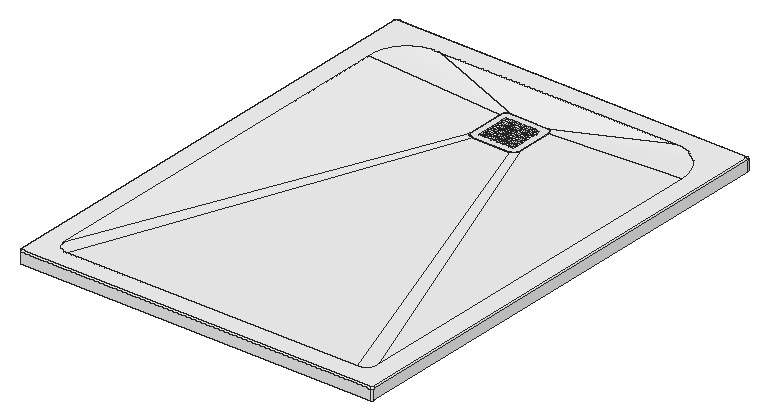
Revit family "IS_UltraFlatS_K8230_BIM_DE", category Plumbing Fixtures, host Face, Revit 2016
Family settings
  Host = Face
  Part Type = Normal
  Round Connector Dimension = Use Diameter
  OmniClass Number = 23.45.05.14.21.11
  OmniClass Title = Bath/Shower Units
  Cut with Voids When Loaded = No
  Shared = No
  Room Calculation Point = No
Parameters (values of type "K8230FR - ULTRAFLAT S PD 120X90 BIANCO")
  WarrantyStartDate = "n/a"
  WarrantyGuarantorParts = "n/a"
  WarrantyGuarantorLabor = "n/a"
  WarrantyDurationUnit = "n/a"
  WarrantyDurationParts = "n/a"
  WarrantyDurationLabor = "n/a"
  WarrantyDescription = "n/a"
  WFU = 0
  VolumeUnits = "Litres"
  Version = "1"
  Uniclass2015Version = "Products v1.1"
  Uniclass2015Title = "Shower trays"
  Uniclass2015Code = "Pr_40_20_06_84"
  URL = "www.idealstandard.de"
  Type Comments = "n/a"
  TagNumber = "n/a"
  SustainabilityPerformance = "n/a"
  Space = "Internal"
  Size = "900 x 1200 x 30 mm"
  Shape = "Rectangular"
  SerialNumber = "n/a"
  ReplacementCost = "n/a"
  ProductInformation = "www.idealstandard.de"
  PredefinedType = "n/a"
  Phone = "+49228 5210"
  NominalWidth = 900 mm
  NominalLength = 1200 mm
  NominalHeight = 30 mm
  NominalDepth = 0 mm
  Name = "ISI_IdealStandard_Showers_Ultra Flat S_K8230FR"
  ModelReference = "IS Rechteck-Brausewanne ULTRA FLAT S, 1200x900x30mm, Carraraweiß"
  ModelNumber = "K8230FR"
  Model = "K8230FR"
  Material = "Sanitary Brass"
  ManufacturerURL = "www.idealstandard.de"
  Manufacturer = "idealstandard.de@idealstandard.com"
  MainMaterial = IS_RenderMaterial_White
  LinearUnits = "millimeters"
  Keynote = ""
  InstallationInstructions = "www.idealstandard.de\\produkte"
  InstallationDate = "1900-12-31T23:59:59"
  Help = "idealstandard.de@idealstandard.com"
  HWFU = 0
  GrossWeight = "41 kg"
  Grade = "n/a"
  Finish = "Pure White"
  Features = "ULTRA FLAT S rectangular shower tray 1200x900mm"
  ExpectedLife = "25"
  DurationUnit = "year"
  DistributedBy = "n/a"
  Description = "Ultraflat S Pd 120 x 90 Bianco"
  Default Elevation = 0 mm
  CurrencyUnit = "€"
  CreatedOn = "42774"
  Cost = 0
  Constituents = "n/a"
  ConnectionType = "Plumbing"
  Color = "Pure White"
  CodePerformance = "0"
  CWFU = 0
  Brand = "Ideal Standard"
  BarCode = "4015413067645"
  BIMObjectName = "ISI_IdealStandard_Showers_Ultra Flat S_K8230FR"
  Author = "Ideal Standard"
  AssetType = "Fixed"
  AssetIdentifier = "n/a"
  Assembly Code = "C1030200"
  AreaUnits = "millimeters"
  AreaMeasurement = "n/a"
  Accessories = "www.idealstandard.de\\ersatzteile"
  AccessibilityPerformance = "n/a"
Types (5, lengths in mm): name | Name | ModelReference | ModelNumber | Model | MainMaterial | Finish | Description | Color | BarCode | BIMObjectName
  K8230FR - ULTRAFLAT S PD 120X90 BIANCO | "ISI_IdealStandard_Showers_Ultra Flat S_K8230FR" | "IS Rechteck-Brausewanne ULTRA FLAT S, 1200x900x30mm, Carraraweiß" | "K8230FR" | "K8230FR" | IS_RenderMaterial_White | "Pure White" | "Ultraflat S Pd 120 x 90 Bianco" | "Pure White" | "4015413067645" | "ISI_IdealStandard_Showers_Ultra Flat S_K8230FR"
  K8230FT - ULTRAFLAT S PD 120X90 SABBIA | "ISI_IdealStandard_Showers_Ultra Flat S_K8230FT" | "IS Rechteck-Brausewanne ULTRA FLAT S, 1200x900x30mm, Sandstein" | "K8230FT" | "K8230FT" | IS_RenderMaterial_Sand | "Beach Sand" | "Ultraflat S Pd 120 x 90 Sabbia" | "Beach Sand" | "4015413071000" | "ISI_IdealStandard_Showers_Ultra Flat S_K8230FT"
  K8230FS - ULTRAFLAT S PD 120X90 GRIGIO CEMENTO | "ISI_IdealStandard_Showers_Ultra Flat S_K8230FS" | "IS Rechteck-Brausewanne ULTRA FLAT S, 1200x900x30mm, Quarzgrau" | "K8230FS" | "K8230FS" | IS_RenderMaterial_Grey | "Concrete Grey" | "Ultraflat S Pd 120 x 90 Grigio Cemento" | "Concrete Grey" | "4015413070638" | "ISI_IdealStandard_Showers_Ultra Flat S_K8230FS"
  K8230FV - ULTRAFLAT S PD 120X90 NERO | "ISI_IdealStandard_Showers_Ultra Flat S_K8230FV" | "IS Rechteck-Brausewanne ULTRA FLAT S, 1200x900x30mm, Schiefer" | "K8230FV" | "K8230FV" | IS_RenderMaterial_Black | "Jet Black" | "Ultraflat S Pd 120 x 90 Nero" | "Jet Black" | "4015413071758" | "ISI_IdealStandard_Showers_Ultra Flat S_K8230FV"
  K8230FU - ULTRAFLAT S PD 120X90 MOKA | "ISI_IdealStandard_Showers_Ultra Flat S_K8230FU" | "IS Rechteck-Brausewanne ULTRA FLAT S, 1200x900x30mm, Lavabraun" | "K8230FU" | "K8230FU" | IS_RenderMaterial_Moka | "Deep Moka" | "Ultraflat S Pd 120 x 90 Moka" | "Deep Moka" | "4015413071444" | "ISI_IdealStandard_Showers_Ultra Flat S_K8230FU"
Reference planes
  plane 1 "Center (Front/Back)": y = 0
  plane 2: z = 0
  plane 3 "Center (Left/Right)": x = 0
  plane 4: y = -1200
  plane 5: y = -1150
  plane 6: x = -450
  plane 7: x = 450
  plane 8: z = 30
Forms (mm)
  Extrusion 1, solid, material "IS_RenderMaterial_White" <- "MainMaterial"
    sketch origin (0, 0, 0) x (1, 0, 0) y (0, 1, 0)
      loop
        arc (-445, 0) -> (-448.536, -1.464) -> (-450, -5) r 5
        line (-450, -5) -> (-450, -1195)
        arc (-450, -1195) -> (-448.536, -1198.536) -> (-445, -1200) r 5
        line (-445, -1200) -> (445, -1200)
        arc (445, -1200) -> (448.536, -1198.536) -> (450, -1195) r 5
        line (450, -1195) -> (450, -5)
        arc (450, -5) -> (448.536, -1.464) -> (445, 0) r 5
        line (445, 0) -> (-445, 0)
    from 0 to 30
  Blend 2, void
    base sketch origin (0, 39.744, 30) x (-1, 0, 0) y (0, -1, 0)
      loop
        arc (300, 89.744) -> (370.711, 119.033) -> (400, 189.744) r 100
        line (400, 189.744) -> (400, 1159.744)
        arc (400, 1159.744) -> (391.213, 1180.957) -> (370, 1189.744) r 30
        line (370, 1189.744) -> (-370, 1189.744)
        arc (-370, 1189.744) -> (-391.213, 1180.957) -> (-400, 1159.744) r 30
        line (-400, 1159.744) -> (-400, 189.744)
        arc (-400, 189.744) -> (-370.711, 119.033) -> (-300, 89.744) r 100
        line (-300, 89.744) -> (300, 89.744)
    top sketch origin (0, 39.744, 30) x (-1, 0, 0) y (0, -1, 0)
      loop
        arc (47.5, 177.244) -> (58.107, 181.637) -> (62.5, 192.244) r 15
        line (62.5, 192.244) -> (62.5, 287.244)
        arc (62.5, 287.244) -> (58.107, 297.85) -> (47.5, 302.244) r 15
        line (47.5, 302.244) -> (-47.5, 302.244)
        arc (-47.5, 302.244) -> (-58.107, 297.85) -> (-62.5, 287.244) r 15
        line (-62.5, 287.244) -> (-62.5, 192.244)
        arc (-62.5, 192.244) -> (-58.107, 181.637) -> (-47.5, 177.244) r 15
        line (-47.5, 177.244) -> (47.5, 177.244)
    from 0 to -15
  Revolve 3, void
    sketch origin (-65.411, -200, 1219.2) x (-1, 0, 0) y (0, 0, 1)
      loop
        line (-65.411, -1219.2) -> (-20.411, -1219.2) -> (-20.411, -1214.2) -> (-13.411, -1207.2) -> (-65.411, -1207.2) -> (-65.411, -1219.2)
      axis (-65.411, -1219.2) -> (-65.411, -1207.2)
    angle from 0 to 360
  Extrusion 4, void
    sketch origin (0, -134.515, 12) x (-1, 0, 0) y (0, 1, 0)
      loop
        arc (-47.5, -2.985) -> (-58.107, -7.379) -> (-62.5, -17.985) r 15
        line (-62.5, -17.985) -> (-62.5, -112.985)
        arc (-62.5, -112.985) -> (-58.107, -123.592) -> (-47.5, -127.985) r 15
        line (-47.5, -127.985) -> (47.5, -127.985)
        arc (47.5, -127.985) -> (58.107, -123.592) -> (62.5, -112.985) r 15
        line (62.5, -112.985) -> (62.5, -17.985)
        arc (62.5, -17.985) -> (58.107, -7.379) -> (47.5, -2.985) r 15
        line (47.5, -2.985) -> (-47.5, -2.985)
    from 0 to -3
  Extrusion 5, solid, material "Chrome - Polished"
    sketch origin (0, -134.515, 12) x (0, 1, 0) y (-1, 0, 0)
      loop
        arc (-4.985, 46.539) -> (-9.074, 56.411) -> (-18.946, 60.5) r 13.961
        line (-18.946, 60.5) -> (-111.985, 60.5)
        arc (-111.985, 60.5) -> (-121.885, 56.399) -> (-125.985, 46.5) r 14
        line (-125.985, 46.5) -> (-125.985, -46.5)
        arc (-125.985, -46.5) -> (-121.885, -56.399) -> (-111.985, -60.5) r 14
        line (-111.985, -60.5) -> (-18.985, -60.5)
        arc (-18.985, -60.5) -> (-9.086, -56.399) -> (-4.985, -46.5) r 14
        line (-4.985, -46.5) -> (-4.985, 46.539)
      loop
        line (-64.007, 45) -> (-64.007, 32) -> (-52.007, 32) -> (-52.007, 45) -> (-64.007, 45)
      loop
        line (-49.007, 45) -> (-49.007, 32) -> (-37.007, 32) -> (-37.007, 45) -> (-49.007, 45)
      loop
        line (-34.007, 45) -> (-34.007, 32) -> (-22.007, 32) -> (-22.007, 45) -> (-34.007, 45)
      loop
        line (-34.007, 29) -> (-34.007, 16) -> (-22.007, 16) -> (-22.007, 29) -> (-34.007, 29)
      loop
        line (-34.007, 13) -> (-34.007, 1.526) -> (-22.007, 1.526) -> (-22.007, 13) -> (-34.007, 13)
      loop
        line (-37.007, 29) -> (-49.007, 29) -> (-49.007, 16) -> (-37.007, 16) -> (-37.007, 29)
      loop
        line (-37.007, 13) -> (-49.007, 13) -> (-49.007, 1.526) -> (-37.007, 1.526) -> (-37.007, 13)
      loop
        line (-52.007, 29) -> (-64.007, 29) -> (-64.007, 16) -> (-52.007, 16) -> (-52.007, 29)
      loop
        line (-52.007, 13) -> (-64.007, 13) -> (-64.007, 1.526) -> (-52.007, 1.526) -> (-52.007, 13)
      loop
        line (-64.007, -45) -> (-52.007, -45) -> (-52.007, -32) -> (-64.007, -32) -> (-64.007, -45)
      loop
        line (-49.007, -45) -> (-37.007, -45) -> (-37.007, -32) -> (-49.007, -32) -> (-49.007, -45)
      loop
        line (-34.007, -45) -> (-22.007, -45) -> (-22.007, -32) -> (-34.007, -32) -> (-34.007, -45)
      loop
        line (-34.007, -29) -> (-22.007, -29) -> (-22.007, -16) -> (-34.007, -16) -> (-34.007, -29)
      loop
        line (-34.007, -13) -> (-22.007, -13) -> (-22.007, -1.526) -> (-34.007, -1.526) -> (-34.007, -13)
      loop
        line (-37.007, -29) -> (-37.007, -16) -> (-49.007, -16) -> (-49.007, -29) -> (-37.007, -29)
      loop
        line (-37.007, -13) -> (-37.007, -1.526) -> (-49.007, -1.526) -> (-49.007, -13) -> (-37.007, -13)
      loop
        line (-52.007, -29) -> (-52.007, -16) -> (-64.007, -16) -> (-64.007, -29) -> (-52.007, -29)
      loop
        line (-52.007, -13) -> (-52.007, -1.526) -> (-64.007, -1.526) -> (-64.007, -13) -> (-52.007, -13)
      loop
        line (-66.963, 45) -> (-78.963, 45) -> (-78.963, 32) -> (-66.963, 32) -> (-66.963, 45)
      loop
        line (-81.963, 45) -> (-93.963, 45) -> (-93.963, 32) -> (-81.963, 32) -> (-81.963, 45)
      loop
        line (-96.963, 45) -> (-108.963, 45) -> (-108.963, 32) -> (-96.963, 32) -> (-96.963, 45)
      loop
        line (-96.963, 29) -> (-108.963, 29) -> (-108.963, 16) -> (-96.963, 16) -> (-96.963, 29)
      loop
        line (-96.963, 13) -> (-108.963, 13) -> (-108.963, 1.526) -> (-96.963, 1.526) -> (-96.963, 13)
      loop
        line (-93.963, 29) -> (-93.963, 16) -> (-81.963, 16) -> (-81.963, 29) -> (-93.963, 29)
      loop
        line (-93.963, 13) -> (-93.963, 1.526) -> (-81.963, 1.526) -> (-81.963, 13) -> (-93.963, 13)
      loop
        line (-78.963, 29) -> (-78.963, 16) -> (-66.963, 16) -> (-66.963, 29) -> (-78.963, 29)
      loop
        line (-78.963, 13) -> (-78.963, 1.526) -> (-66.963, 1.526) -> (-66.963, 13) -> (-78.963, 13)
      loop
        line (-66.963, -45) -> (-66.963, -32) -> (-78.963, -32) -> (-78.963, -45) -> (-66.963, -45)
      loop
        line (-81.963, -45) -> (-81.963, -32) -> (-93.963, -32) -> (-93.963, -45) -> (-81.963, -45)
      loop
        line (-96.963, -45) -> (-96.963, -32) -> (-108.963, -32) -> (-108.963, -45) -> (-96.963, -45)
      loop
        line (-96.963, -29) -> (-96.963, -16) -> (-108.963, -16) -> (-108.963, -29) -> (-96.963, -29)
      loop
        line (-96.963, -13) -> (-96.963, -1.526) -> (-108.963, -1.526) -> (-108.963, -13) -> (-96.963, -13)
      loop
        line (-93.963, -29) -> (-81.963, -29) -> (-81.963, -16) -> (-93.963, -16) -> (-93.963, -29)
      loop
        line (-93.963, -13) -> (-81.963, -13) -> (-81.963, -1.526) -> (-93.963, -1.526) -> (-93.963, -13)
      loop
        line (-78.963, -29) -> (-66.963, -29) -> (-66.963, -16) -> (-78.963, -16) -> (-78.963, -29)
      loop
        line (-78.963, -13) -> (-66.963, -13) -> (-66.963, -1.526) -> (-78.963, -1.526) -> (-78.963, -13)
    from 0 to 3
  Sweep 6, void
    path in 3D
      loop
        arc (445, -1200, 30) -> (448.536, -1198.536, 30) -> (450, -1195, 30) r 5
        line (450, -1195, 30) -> (450, -5, 30)
        arc (450, -5, 30) -> (448.536, -1.464, 30) -> (445, 0, 30) r 5
        line (445, 0, 30) -> (-445, 0, 30)
        arc (-445, 0, 30) -> (-448.536, -1.464, 30) -> (-450, -5, 30) r 5
        line (-450, -5, 30) -> (-450, -1195, 30)
        arc (-450, -1195, 30) -> (-448.536, -1198.536, 30) -> (-445, -1200, 30) r 5
        line (-445, -1200, 30) -> (445, -1200, 30)
    profile origin (0, -1200, 30) x (0, 1, 0) y (0, 0, 1)
      loop
        line (0, 0) -> (0, -3)
        arc (0, -3) -> (0.879, -0.879) -> (3, 0) r 3
        line (3, 0) -> (0, 0)
Cuts and joins
  Blend 2, Revolve 3, Extrusion 4, Sweep 6 cuts Extrusion 1
  Blend 2 cuts Extrusion 5
Lines and regions (mm)
  sketch lines
    curve 1: line (-445, -1200, 30) -> (445, -1200, 30)
    curve 2: arc (450, -1195, 30) -> (448.536, -1198.536, 30) -> (445, -1200, 30) r 5
    curve 3: line (450, -1195, 30) -> (450, -5, 30)
    curve 4: arc (-445, -1200, 30) -> (-448.536, -1198.536, 30) -> (-450, -1195, 30) r 5
    curve 5: line (-450, -5, 30) -> (-450, -1195, 30)
    curve 6: arc (-450, -5, 30) -> (-448.536, -1.464, 30) -> (-445, 0, 30) r 5
    curve 7: line (445, 0, 30) -> (-445, 0, 30)
    curve 8: arc (445, 0, 30) -> (448.536, -1.464, 30) -> (450, -5, 30) r 5
Dimensions and locks
  "NominalWidth": plane 6 to plane 7
  "NominalLength": plane 1 "Center (Front/Back)" to plane 4
  "NominalHeight": level to plane 8
  aligned and locked: plane 2 to host face
  aligned and locked: level to host face
Automatic sketch dimensions
  host sketch curve to host sketch curve = 1923.308 mm
  host sketch curve to host sketch curve = 2090.19 mm
  Extrusion 1 sketch curve to plane 6 = 0 mm
  Extrusion 1 sketch curve to plane 4 = 0 mm
  plane 1 "Center (Front/Back)" to Extrusion 1 sketch curve = 0 mm
  Extrusion 1 sketch curve to plane 7 = 0 mm
  Extrusion 1 sketch curve to plane 6 = 5 mm
  plane 1 "Center (Front/Back)" to Extrusion 1 sketch curve = 5 mm
  Extrusion 1 sketch curve to plane 7 = 5 mm  (x2)
  plane 5 to Blend 2 sketch curve = 0 mm
  plane 5 to Blend 2 sketch curve = 30 mm  (x2)
  Blend 2 sketch curve to plane 7 = 50 mm
  Blend 2 sketch curve to Blend 2 sketch curve = 100 mm
  Blend 2 sketch curve to plane 6 = 150 mm
  Blend 2 sketch curve to plane 6 = 80 mm
  plane 1 "Center (Front/Back)" to Blend 2 sketch curve = 150 mm
  plane 3 "Center (Left/Right)" to Blend 2 sketch curve = 62.5 mm
  Blend 2 sketch curve to Blend 2 sketch curve = 15 mm  (x3)
  Blend 2 sketch curve to plane 3 "Center (Left/Right)" = 47.5 mm  (x2)
  plane 1 "Center (Front/Back)" to Blend 2 sketch curve = 137.5 mm
  Blend 2 sketch curve to Blend 2 sketch curve = 95 mm
  Revolve 3 sketch curve to level = 0 mm
  Revolve 3 sketch curve to plane 3 "Center (Left/Right)" = 0 mm  (x2)
  level to Revolve 3 sketch curve = 5 mm
  Revolve 3 sketch curve to plane 3 "Center (Left/Right)" = 45 mm
  Revolve 3 sketch curve to Revolve 3 sketch curve = 7 mm
  Revolve 3 sketch curve to Revolve 3 sketch curve = 12 mm
  Revolve 3 sketch curve to level = 10 mm
  plane 8 to Revolve 3 sketch curve = 7.813 mm
  plane 3 "Center (Left/Right)" to Extrusion 4 sketch curve = 62.5 mm
  Extrusion 4 sketch curve to Extrusion 4 sketch curve = 15 mm  (x3)
  Extrusion 4 sketch curve to plane 3 "Center (Left/Right)" = 47.5 mm  (x2)
  plane 1 "Center (Front/Back)" to Extrusion 4 sketch curve = 137.5 mm
  Extrusion 4 sketch curve to Extrusion 4 sketch curve = 95 mm
  plane 3 "Center (Left/Right)" to Extrusion 5 sketch curve = 46.5 mm
  plane 1 "Center (Front/Back)" to Extrusion 5 sketch curve = 260.5 mm
  Extrusion 5 sketch curve to Extrusion 5 sketch curve = 14 mm  (x3)
  Extrusion 5 sketch curve to Extrusion 5 sketch curve = 3.022 mm  (x3)
  Extrusion 5 sketch curve to Extrusion 5 sketch curve = 0 mm  (x56)
  plane 3 "Center (Left/Right)" to Extrusion 5 sketch curve = 1.526 mm  (x6)
  Extrusion 5 sketch curve to Extrusion 5 sketch curve = 12 mm  (x18)
  Extrusion 5 sketch curve to Extrusion 5 sketch curve = 3 mm  (x37)
  Extrusion 5 sketch curve to Extrusion 5 sketch curve = 2.956 mm  (x6)
  Extrusion 5 sketch curve to Extrusion 5 sketch curve = 3.061 mm
  Extrusion 5 sketch curve to Extrusion 5 sketch curve = 1.5 mm  (x3)
  Extrusion 5 sketch curve to Extrusion 5 sketch curve = 13 mm  (x9)
  Extrusion 5 sketch curve to plane 3 "Center (Left/Right)" = 1.526 mm  (x6)
  Extrusion 5 sketch curve to Extrusion 5 sketch curve = 11.474 mm  (x2)
  Sweep 6 sketch curve to profile plane = 0 mm  (x2)
  Sweep 6 sketch curve to profile plane = 3 mm
Connectors
  piping at (0, -200, 0), diameter 90
    settings: on cut or joined group of Extrusion 1, Blend 2, Revolve 3, Extrusion 4, Sweep 6, index 1, connector inside diameter 609.6 mm, connector length 0 mm, flow factor 0, pipe flow 0.0 L/s, pressure drop 0.0 Pa, fitting loss kfactor 0, connector angle 0.00°, fixture units 0, engagement length 0 mm, angle of deflection 0.00°, flow configuration 2, flow direction 2, fitting loss method 0, system type 16, joint type 0, gender type 0, connector reference index -1, connector utility 0, adjustable connector no, is connector primary yes, connector description ""
